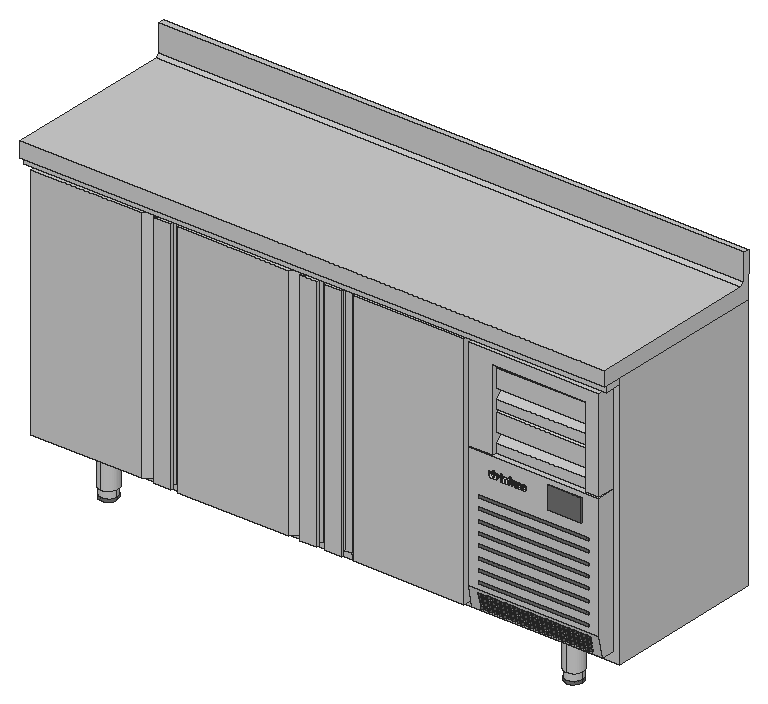
Revit family "QF_INFRICO_FMPP2000II_250812101802", category Specialty Equipment, Revit 2021 (continued)
Definition of nested family "QF_INFRICO_LEGS_8070"
  Parameters (values of type "LEGS_2190_740")
    Serial Number [instance] = ""
    Seismic Rating [instance] = ""
    SMACNA No [instance] = ""
    Revision Code [instance] = ""
    Revision [instance] = ""
    Production Year [instance] = ""
    Point Load [instance] = 0
    Other Equipment Approvals [instance] = ""
    NAFEM Spec ID Number [instance] = ""
    Model Warning [instance] = ""
    Model = "LEGS_2190_740"
    Masterspec [instance] = ""
    Manufacturer = "INFRICO"
    Length Actual [instance] = 0 mm
    Length = 2185 mm
    Item Number [instance] = ""
    Installed By [instance] = ""
    Installation Date [instance] = ""
    Identify Quantity as Lot [instance] = yes
    ID [instance] = ""
    Hygiene Approval [instance] = ""
    Height Actual [instance] = 0 mm
    Height = 140 mm
    Furnished By [instance] = ""
    Foodservice Equipment Identifier [instance] = yes
    ETL Approved [instance] = yes
    Description = "LEGS"
    Depth Actual [instance] = 0 mm
    Depth = 738 mm
    Default Elevation = 0 mm
    CentralLegs = if(or(Length > 2200 mm, Length = 2144 mm), 2 > 1, 2 < 1)  # no
    CSI MasterFormat [instance] = ""
    CE Approved [instance] = yes
    Barcode [instance] = ""
    Author [instance] = ""
    Asset Identifier [instance] = ""
    Assembly Code = "E1090320"
    Accessory [instance] = yes
  Types (29, lengths in mm): name | Model | Length | Height | Depth | CentralLegs
    LEGS_1960_700 | "LEGS_1960_700" | 1960 | 140 | 700 | no
    LEGS_1470_700 | "LEGS_1470_700" | 1468 | 140 | 700 | no
    LEGS_2450_700 | "LEGS_2450_700" | 2452 | 140 | 700 | yes
    LEGS_1470_600 | "LEGS_1470_600" | 1468 | 140 | 600 | no
    LEGS_1960_600 | "LEGS_1960_600" | 1960 | 140 | 600 | no
    LEGS_2450_600 | "LEGS_2450_600" | 2452 | 140 | 600 | yes
    LEGS_1610_800 | "LEGS_1610_800" | 1618 | 140 | 800 | no
    LEGS_2190_800 | "LEGS_2190_800" | 2185 | 140 | 800 | no
    LEGS_2750_800 | "LEGS_2750_800" | 2752 | 140 | 800 | yes
    LEGS_1160_700 | "LEGS_1160_700" | 1160 | 140 | 700 | no
    LEGS_1650_700 | "LEGS_1650_700" | 1652 | 140 | 700 | no
    LEGS_2140_700 | "LEGS_2140_700" | 2144 | 140 | 700 | yes
    LEGS_1960_640 | "LEGS_1960_640" | 1960 | 140 | 638 | no
    LEGS_1470_640 | "LEGS_1470_640" | 1468 | 140 | 638 | no
    LEGS_1160_600 | "LEGS_1160_600" | 1160 | 140 | 600 | no
    LEGS_1650_600 | "LEGS_1650_600" | 1652 | 140 | 600 | no
    LEGS_1310_800 | "LEGS_1310_800" | 1310 | 140 | 800 | no
    LEGS_1890_800 | "LEGS_1890_800" | 1877 | 140 | 800 | no
    LEGS_2440_800 | "LEGS_2440_800" | 2444 | 140 | 800 | yes
    LEGS_1610_740 | "LEGS_1610_740" | 1618 | 140 | 738 | no
    LEGS_2190_740 | "LEGS_2190_740" | 2185 | 140 | 738 | no
    LEGS_2140_600 | "LEGS_2140_600" | 2144 | 140 | 600 | yes
    LEGS_980_800 | "LEGS_980_800" | 980 | 150 | 800 | no
    LEGS_1470_800 | "LEGS_1470_800" | 1468 | 150 | 800 | no
    LEGS_1740_800 | "LEGS_1740_800" | 1738 | 140 | 800 | no
    LEGS_2300_800 | "LEGS_2300_800" | 2305 | 140 | 800 | yes
    LEGS_1690_800 | "LEGS_1690_800" | 1693 | 140 | 800 | no
    LEGS_2260_800 | "LEGS_2260_800" | 2260 | 140 | 800 | yes
    LEGS_1460_700 | "LEGS_1460_700" | 1460 | 140 | 700 | no
  Reference planes
    plane 1 "Back": y = 0
    plane 2: z = 0
    plane 3 "Left": x = 0
    plane 4 "Right": x = 2185
    plane 5 "Front": y = -738
    plane 6 "Top": z = 140
    plane 7 "Central": x = 1092.5
  Forms (mm)
    Extrusion 1, solid
      sketch origin (0, 0, 140) x (0, 1, 0) y (-1, 0, 0)
        loop
          line (-568, -154.986) -> (-668, -154.986) -> (-668, -244.986) -> (-568, -244.986) -> (-568, -154.986)
      from 0 to -3
    Extrusion 2, solid
      sketch origin (0, 0, 0) x (1, 0, 0) y (0, 1, 0)
        loop
          circle (199.986, -618) r 28
      from 9 to 35
    Extrusion 3, solid
      sketch origin (0, 0, 0) x (1, 0, 0) y (0, 1, 0)
        loop
          circle (199.986, -618) r 28.5
      from 0 to 9
    Sweep 4, solid
      path origin (0, 0, 0) x (0, 1, 0) y (0, 0, 1)
        loop
          line (-618, 35) -> (-618, 137)
      profile origin (0, -618, 86) x (0, -1, 0) y (1, 0, 0)
        loop
          circle (0, 199.986) r 32
    Extrusion 5, solid
      sketch origin (0, 500, 140) x (0, 1, 0) y (-1, 0, 0)
        loop
          line (-530, -154.986) -> (-630, -154.986) -> (-630, -244.986) -> (-530, -244.986) -> (-530, -154.986)
      from 0 to -3
    Extrusion 6, solid
      sketch origin (0, 500, 0) x (1, 0, 0) y (0, 1, 0)
        loop
          circle (199.986, -580) r 28
      from 9 to 35
    Extrusion 7, solid
      sketch origin (0, 500, 0) x (1, 0, 0) y (0, 1, 0)
        loop
          circle (199.986, -580) r 28.5
      from 0 to 9
    Sweep 8, solid
      path origin (0, 500, 0) x (0, 1, 0) y (0, 0, 1)
        loop
          line (-580, 35) -> (-580, 137)
      profile origin (0, -80, 86) x (0, -1, 0) y (1, 0, 0)
        loop
          circle (0, 199.986) r 32
    Extrusion 9, solid
      sketch origin (1560, 0, 140) x (0, 1, 0) y (-1, 0, 0)
        loop
          line (-568, -379.986) -> (-668, -379.986) -> (-668, -469.986) -> (-568, -469.986) -> (-568, -379.986)
      from 0 to -3
    Extrusion 10, solid
      sketch origin (1560, 0, 0) x (1, 0, 0) y (0, 1, 0)
        loop
          circle (424.986, -618) r 28
      from 9 to 35
    Extrusion 11, solid
      sketch origin (1560, 0, 0) x (1, 0, 0) y (0, 1, 0)
        loop
          circle (424.986, -618) r 28.5
      from 0 to 9
    Sweep 12, solid
      path origin (2185, 0, 0) x (0, -1, 0) y (0, 0, 1)
        loop
          line (618, 35) -> (618, 137)
      profile origin (2185, -618, 86) x (0, 1, 0) y (-1, 0, 0)
        loop
          circle (0, 199.986) r 32
    Extrusion 13, solid
      sketch origin (1560, 500, 140) x (0, 1, 0) y (-1, 0, 0)
        loop
          line (-530, -379.986) -> (-630, -379.986) -> (-630, -469.986) -> (-530, -469.986) -> (-530, -379.986)
      from 0 to -3
    Extrusion 14, solid
      sketch origin (1560, 500, 0) x (1, 0, 0) y (0, 1, 0)
        loop
          circle (424.986, -580) r 28
      from 9 to 35
    Extrusion 15, solid
      sketch origin (1560, 500, 0) x (1, 0, 0) y (0, 1, 0)
        loop
          circle (424.986, -580) r 28.5
      from 0 to 9
    Sweep 16, solid
      path origin (2185, 0, 0) x (0, -1, 0) y (0, 0, 1)
        loop
          line (80, 35) -> (80, 137)
      profile origin (2185, -80, 86) x (0, 1, 0) y (-1, 0, 0)
        loop
          circle (0, 199.986) r 32
    Extrusion 17, solid, visible <- "CentralLegs"
      sketch origin (534.014, 0, 140) x (0, 1, 0) y (-1, 0, 0)
        loop
          line (-568, -513.486) -> (-668, -513.486) -> (-668, -603.486) -> (-568, -603.486) -> (-568, -513.486)
      from 0 to -3
    Extrusion 18, solid, visible <- "CentralLegs"
      sketch origin (534.014, 0, 0) x (1, 0, 0) y (0, 1, 0)
        loop
          circle (558.486, -618) r 28
      from 9 to 35
    Extrusion 19, solid, visible <- "CentralLegs"
      sketch origin (534.014, 0, 0) x (1, 0, 0) y (0, 1, 0)
        loop
          circle (558.486, -618) r 28.5
      from 0 to 9
    Sweep 20, solid, visible <- "CentralLegs"
      path origin (1092.5, 0, 0) x (0, -1, 0) y (0, 0, 1)
        loop
          line (618, 35) -> (618, 137)
      profile origin (1092.5, -618, 86) x (0, 1, 0) y (-1, 0, 0)
        loop
          circle (0, -0.014) r 32
    Extrusion 21, solid, visible <- "CentralLegs"
      sketch origin (534.014, 500, 140) x (0, 1, 0) y (-1, 0, 0)
        loop
          line (-530, -513.486) -> (-630, -513.486) -> (-630, -603.486) -> (-530, -603.486) -> (-530, -513.486)
      from 0 to -3
    Extrusion 22, solid, visible <- "CentralLegs"
      sketch origin (534.014, 500, 0) x (1, 0, 0) y (0, 1, 0)
        loop
          circle (558.486, -580) r 28
      from 9 to 35
    Extrusion 23, solid, visible <- "CentralLegs"
      sketch origin (534.014, 500, 0) x (1, 0, 0) y (0, 1, 0)
        loop
          circle (558.486, -580) r 28.5
      from 0 to 9
    Sweep 24, solid, visible <- "CentralLegs"
      path origin (1092.5, 0, 0) x (0, -1, 0) y (0, 0, 1)
        loop
          line (80, 35) -> (80, 137)
      profile origin (1092.5, -80, 86) x (0, 1, 0) y (-1, 0, 0)
        loop
          circle (0, -0.014) r 32
  Dimensions and locks
    "Length": plane 3 "Left" to plane 4 "Right"
    "Depth": plane 1 "Back" to plane 5 "Front"
    "Height": plane 6 "Top" to plane 2
    equal spacing: plane 3 "Left", plane 7 "Central", plane 4 "Right"
    locked: Sweep 20 sketch curve to profile plane at 0.014
    locked: Sweep 24 sketch curve to profile plane at 0.014
    aligned and locked: level to plane 2
  Automatic sketch dimensions
    plane 5 "Front" to Extrusion 1 sketch curve = 70 mm
    Extrusion 1 sketch curve to Extrusion 1 sketch curve = 100 mm
    plane 3 "Left" to Extrusion 1 sketch curve = 244.986 mm
    Extrusion 1 sketch curve to Extrusion 1 sketch curve = 90 mm
    plane 3 "Left" to Extrusion 2 sketch curve = 199.986 mm
    plane 5 "Front" to Extrusion 2 sketch curve = 120 mm
    plane 3 "Left" to Extrusion 3 sketch curve = 199.986 mm
    plane 5 "Front" to Extrusion 3 sketch curve = 120 mm
    Sweep 4 sketch curve to plane 6 "Top" = 3 mm
    plane 5 "Front" to Sweep 4 sketch curve = 120 mm
    level to Sweep 4 sketch curve = 35 mm
    Sweep 4 sketch curve to profile plane = 0 mm
    plane 3 "Left" to Sweep 4 sketch curve = 199.986 mm
    plane 1 "Back" to Extrusion 5 sketch curve = 130 mm
    plane 1 "Back" to Extrusion 5 sketch curve = 30 mm
    plane 3 "Left" to Extrusion 5 sketch curve = 244.986 mm
    Extrusion 5 sketch curve to Extrusion 5 sketch curve = 90 mm
    plane 1 "Back" to Extrusion 6 sketch curve = 80 mm
    plane 3 "Left" to Extrusion 6 sketch curve = 199.986 mm
    plane 1 "Back" to Extrusion 7 sketch curve = 80 mm
    plane 3 "Left" to Extrusion 7 sketch curve = 199.986 mm
    Sweep 8 sketch curve to plane 6 "Top" = 3 mm
    plane 1 "Back" to Sweep 8 sketch curve = 80 mm
    level to Sweep 8 sketch curve = 35 mm
    Sweep 8 sketch curve to profile plane = 0 mm
    plane 3 "Left" to Sweep 8 sketch curve = 199.986 mm
    plane 5 "Front" to Extrusion 9 sketch curve = 70 mm
    Extrusion 9 sketch curve to Extrusion 9 sketch curve = 100 mm
    plane 4 "Right" to Extrusion 9 sketch curve = 155.014 mm
    Extrusion 9 sketch curve to Extrusion 9 sketch curve = 90 mm
    plane 4 "Right" to Extrusion 10 sketch curve = 200.014 mm
    plane 5 "Front" to Extrusion 10 sketch curve = 120 mm
    plane 4 "Right" to Extrusion 11 sketch curve = 200.014 mm
    plane 5 "Front" to Extrusion 11 sketch curve = 120 mm
    Sweep 12 sketch curve to profile plane = 0 mm
    profile plane to Sweep 12 sketch curve = 199.986 mm
    plane 1 "Back" to Extrusion 13 sketch curve = 130 mm
    plane 1 "Back" to Extrusion 13 sketch curve = 30 mm
    plane 4 "Right" to Extrusion 13 sketch curve = 155.014 mm
    Extrusion 13 sketch curve to Extrusion 13 sketch curve = 90 mm
    plane 1 "Back" to Extrusion 14 sketch curve = 80 mm
    plane 4 "Right" to Extrusion 14 sketch curve = 200.014 mm
    plane 1 "Back" to Extrusion 15 sketch curve = 80 mm
    plane 4 "Right" to Extrusion 15 sketch curve = 200.014 mm
    Sweep 16 sketch curve to profile plane = 0 mm
    profile plane to Sweep 16 sketch curve = 199.986 mm
    plane 5 "Front" to Extrusion 17 sketch curve = 70 mm
    Extrusion 17 sketch curve to plane 7 "Central" = 45 mm
    Extrusion 17 sketch curve to Extrusion 17 sketch curve = 100 mm
    plane 7 "Central" to Extrusion 17 sketch curve = 45 mm
    Extrusion 18 sketch curve to plane 7 "Central" = 0 mm
    plane 5 "Front" to Extrusion 18 sketch curve = 120 mm
    Extrusion 19 sketch curve to plane 7 "Central" = 0 mm
    plane 5 "Front" to Extrusion 19 sketch curve = 120 mm
    Sweep 20 sketch curve to profile plane = 0 mm
    plane 7 "Central" to Extrusion 21 sketch curve = 45 mm
    plane 1 "Back" to Extrusion 21 sketch curve = 130 mm
    plane 1 "Back" to Extrusion 21 sketch curve = 30 mm
    Extrusion 21 sketch curve to plane 7 "Central" = 45 mm
    Extrusion 22 sketch curve to plane 7 "Central" = 0 mm
    plane 1 "Back" to Extrusion 22 sketch curve = 80 mm
    Extrusion 23 sketch curve to plane 7 "Central" = 0 mm
    plane 1 "Back" to Extrusion 23 sketch curve = 80 mm
    Sweep 24 sketch curve to profile plane = 0 mm
    Sweep 16 sketch curve to plane 6 "Top" = 3 mm
    plane 1 "Back" to Sweep 16 sketch curve = 80 mm
    level to Sweep 16 sketch curve = 35 mm
    Sweep 12 sketch curve to plane 6 "Top" = 3 mm
    plane 5 "Front" to Sweep 12 sketch curve = 120 mm
    level to Sweep 12 sketch curve = 35 mm
    Sweep 20 sketch curve to plane 6 "Top" = 3 mm
    plane 5 "Front" to Sweep 20 sketch curve = 120 mm
    level to Sweep 20 sketch curve = 35 mm
    Sweep 24 sketch curve to plane 6 "Top" = 3 mm
    plane 1 "Back" to Sweep 24 sketch curve = 80 mm
    level to Sweep 24 sketch curve = 35 mm
    radius of Extrusion 2 sketch curve = 28 mm
    radius of Extrusion 3 sketch curve = 28.5 mm
    radius of Sweep 4 sketch curve = 32 mm
    radius of Extrusion 6 sketch curve = 28 mm
    radius of Extrusion 7 sketch curve = 28.5 mm
    radius of Sweep 8 sketch curve = 32 mm
    radius of Extrusion 10 sketch curve = 28 mm
    radius of Extrusion 11 sketch curve = 28.5 mm
    radius of Sweep 12 sketch curve = 32 mm
    radius of Extrusion 14 sketch curve = 28 mm
    radius of Extrusion 15 sketch curve = 28.5 mm
    radius of Sweep 16 sketch curve = 32 mm
    radius of Extrusion 18 sketch curve = 28 mm
    radius of Extrusion 19 sketch curve = 28.5 mm
    radius of Sweep 20 sketch curve = 32 mm
    radius of Extrusion 22 sketch curve = 28 mm
    radius of Extrusion 23 sketch curve = 28.5 mm
    radius of Sweep 24 sketch curve = 32 mm
Definition of nested family "CONN_POINT_DRAIN_2D___Generic_Annotation"
  Parameters (values of type "CONN_POINT_DRAIN_2D___Generic_Annotation")
    Onboard connection annotation symbol visibility [instance] = yes
  Reference planes
    plane 1: y = 0
    plane 2: x = 0
  Lines and regions (mm)
    detail lines, visible <- "Onboard connection annotation symbol visibility"
      curve 1: circle (0, 0, 0) r 0.5 normal (0, 0, 1)
      curve 2: line (-1, 0, 0) -> (1, 0, 0)
      curve 3: line (0, 1, 0) -> (0, -1, 0)
      curve 4: line (1.776, 1, 0) -> (1.25, 1, 0)
      curve 5: line (1.25, 1, 0) -> (1.25, -1, 0)
      curve 6: line (1.25, -1, 0) -> (1.776, -1, 0)
      curve 7: arc (2.206, -0.862, 0) -> (2.459, -0.589, 0) -> (2.583, -0.238, 0) r 0.918
      curve 8: arc (2.583, 0.238, 0) -> (2.459, 0.589, 0) -> (2.206, 0.862, 0) r 0.918
      curve 9: arc (2.583, -0.238, 0) -> (2.599, 0, 0) -> (2.583, 0.238, 0) r 1.77
      curve 10: arc (2.206, 0.862, 0) -> (2.002, 0.965, 0) -> (1.776, 1, 0) r 0.741
      curve 11: arc (1.776, -1, 0) -> (2.002, -0.965, 0) -> (2.206, -0.862, 0) r 0.741
Definition of nested family "CONN_POINT_ELE_2D___Generic_Annotation"
  Parameters (values of type "CONN_POINT_ELE_2D___Generic_Annotation")
    Onboard connection annotation symbol visibility [instance] = yes
  Reference planes
    plane 1: y = 0
    plane 2: x = 0
  Lines and regions (mm)
    detail lines, visible <- "Onboard connection annotation symbol visibility"
      curve 1: circle (0, 0, 0) r 0.5 normal (0, 0, 1)
      curve 2: line (-1, 0, 0) -> (1, 0, 0)
      curve 3: line (0, 1, 0) -> (0, -1, 0)
      curve 4: line (2.5, 1, 0) -> (1.25, 1, 0)
      curve 5: line (1.25, 1, 0) -> (1.25, -1, 0)
      curve 6: line (1.25, -1, 0) -> (2.5, -1, 0)
      curve 7: line (1.25, 0, 0) -> (2, 0, 0)
